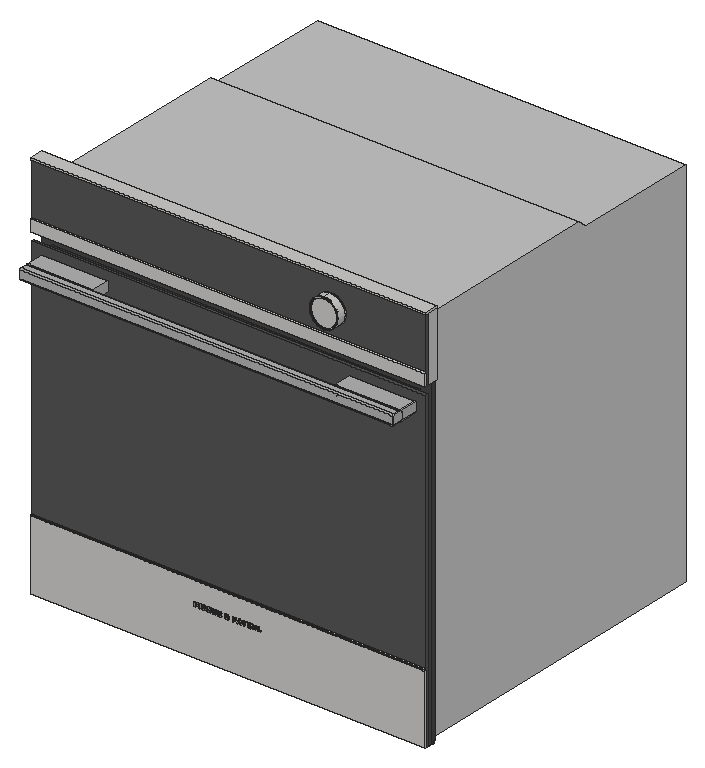
Revit family "FP_Revit_18_OB24SDPTDX1_Oven_90000933A", category Specialty Equipment, Revit 2018
Family settings
  Round Connector Dimension = Use Diameter
  Part Type = Normal
  OmniClass Number = 23.40.40.14.17.11
  OmniClass Title = Cookers, Ovens, Stoves
  Work Plane-Based = No
  Always vertical = Yes
  Cut with Voids When Loaded = Yes
  Shared = No
  Room Calculation Point = No
Parameters (values of type "OB24SDPTDX1")
  Visibility - Clearance Required = yes
  URL = "www.fisherpaykel.com"
  Product - Width = 596 mm  # constant formula
  Product - Height = 598 mm  # constant formula
  Product - Depth = 565 mm  # constant formula
  Model = "OB24SDPTDX1"
  Material - Trim = Fisher & Paykel - Stainless Steel
  Material - Structure = Fisher & Paykel - Black
  Material - Handle = Fisher & Paykel - Aluminium
  Material - Glass = Fisher & Paykel - Glass, Black
  Material - Buttons and Dials = Fisher & Paykel - Stainless Steel
  Material - Body = Fisher & Paykel - Grey
  Manufacturer = "Fisher & Paykel Appliances"
  FFL Offset [instance] = 200 mm
  Description = "24\" Built-In Oven"
  Connector Note - Electrical = "208 V or 240 V, 16.6 - 19.4 A"
  Chassis - Width = 556 mm  # constant formula
  Chassis - Height = 575 mm  # constant formula
  Chassis - Depth = 545 mm  # constant formula
  Cavity - Width = 600 mm  # constant formula
  Cavity - Height = 600 mm  # constant formula
  Cavity - Depth = 550 mm  # constant formula
Reference planes
  plane 1 "Datum": y = 0
  plane 2: z = 0
  plane 3 "Center (Left/Right)": x = 0
  plane 4 "Cavity": z = 780
  plane 5 "Product Height": z = 798
  plane 6 "Product LHS": x = -298
  plane 7 "Product RHS": x = 298
  plane 8 "Cavity LHS": x = -300
  plane 9 "Cavity RHS": x = 300
  plane 10 "Cavity - Depth": y = 550
  plane 11 "Product Depth": y = 545
  plane 12 "Front Face": y = -20
  plane 13 "Dial": x = 154.861
  plane 14 "FFL Offset": z = 200
  plane 15 "Cavity Height": z = 800
Forms (mm)
  Extrusion 1, solid, material "Fisher & Paykel - Grey" <- "Material - Body"
    sketch origin (0, 0, 0) x (0, 1, 0) y (0, 0, 1)
      loop
        line (0, 200) -> (525, 200) -> (525, 393.99) -> (545, 413.99) -> (545, 609.73) -> (495, 659.73) -> (495, 764.6) -> (307.721, 764.6) -> (293.958, 775) -> (0, 775) -> (0, 200)
    from -278 to 278
  Extrusion 2, void
    sketch origin (0, 0, 0) x (1, 0, 0) y (0, 1, 0)
      loop
        line (-278, 495) -> (-229.13, 495) -> (-179.13, 545) -> (-278, 545) -> (-278, 495)
      loop
        line (278, 495) -> (278, 545) -> (94.617, 545) -> (114.617, 525) -> (199.13, 525) -> (229.13, 495) -> (278, 495)
    from 200 to 764.6
  Extrusion 3, solid, material "Fisher & Paykel - Stainless Steel" <- "Material - Trim"
    sketch origin (0, 0, 0) x (0, 1, 0) y (0, 0, 1)
      loop
        line (0, 798) -> (-20.5, 798) -> (-20.5, 795.1) -> (0, 795.1) -> (0, 798)
    from -298 to 298
  Extrusion 4, solid, material "Fisher & Paykel - Grey" <- "Material - Body"
    sketch origin (0, 0, 0) x (0, 1, 0) y (0, 0, 1)
      loop
        line (-16, 795.1) -> (-16, 698) -> (0, 698) -> (0, 795.1) -> (-16, 795.1)
    from -298 to 298
  Extrusion 5, solid, material "Fisher & Paykel - Glass, Black" <- "Material - Glass"
    sketch origin (0, 0, 0) x (1, 0, 0) y (0, 0, 1)
      loop
        line (-298, 685.2) -> (-298, 208.6) -> (298, 208.6) -> (298, 685.2) -> (-298, 685.2)
      loop
        line (-298, 698) -> (298, 698) -> (298, 794.5) -> (-298, 794.5) -> (-298, 698)
    from 16 to 20
  Extrusion 6, solid, material "Fisher & Paykel - Black" <- "Material - Structure"
    sketch origin (0, 0, 0) x (0, 1, 0) y (0, 0, 1)
      loop
        line (-13.8, 683.7) -> (-16, 683.7) -> (-16, 224.7) -> (-5, 224.7) -> (-5, 680.497) -> (-13.8, 683.7)
    from -277 to 277
  Extrusion 7, solid, material "Fisher & Paykel - Black" <- "Material - Structure"
    sketch origin (0, 0, 0) x (1, 0, 0) y (0, 0, 1)
      loop
        line (-295, 698) -> (-295, 209.536)
        arc (-295, 209.536) -> (-292.207, 202.793) -> (-285.464, 200) r 9.536
        line (-285.464, 200) -> (285.5, 200)
        arc (285.5, 200) -> (292.218, 202.782) -> (295, 209.5) r 9.5
        line (295, 209.5) -> (295, 698) -> (-295, 698)
    from 0 to 5
  Sweep 8, solid, material "Fisher & Paykel - Black"
    path origin (-195.035, 0, 0) x (0, 1, 0) y (0, 0, 1)
      loop
        line (478.272, 708.8) -> (498.6, 708.8)
        arc (498.6, 708.8) -> (507.085, 705.285) -> (510.6, 696.8) r 12
        line (510.6, 696.8) -> (510.6, 678.8)
    profile origin (-195.035, 488.436, 708.8) x (0, 0, 1) y (1, 0, 0)
      loop
        line (0, 11) -> (-11, 11) -> (-11, -11) -> (0, -11)
        arc (0, -11) -> (11, 0) -> (0, 11) r 11
  Extrusion 9, solid, material "Fisher & Paykel - Clearance Required", visible <- "Visibility - Clearance Required", detail levels coarse
    sketch origin (0, 0, 0) x (0, 1, 0) y (0, 0, 1)
      loop
        line (-21.6, 227.528) -> (-21.6, 200) -> (0, 200) -> (0, 800) -> (-21.6, 800) -> (-21.6, 685.18)
        arc (-21.6, 685.18) -> (-333.147, 559.899) -> (-479.9, 257.872) r 466.605
        line (-479.9, 257.872) -> (-465.169, 256.897) -> (-467.944, 214.989) -> (-455.498, 214.164) -> (-452.723, 256.073) -> (-21.6, 227.528)
    from -300 to 300
  Extrusion 10, solid, material "Fisher & Paykel - Clearance Required", visible <- "Visibility - Clearance Required", detail levels coarse
    sketch origin (0, 0, 0) x (1, 0, 0) y (0, 1, 0)
      loop
        line (-280, 0) -> (280, 0) -> (280, 550) -> (-280, 550) -> (-280, 0)
    from 200 to 780
  Extrusion 11, void
    sketch origin (0, 0, 0) x (1, 0, 0) y (0, 1, 0)
      loop
        line (-300, -21.6) -> (300, -21.6) -> (300, 0) -> (-300, 0) -> (-300, -21.6)
    from 200 to 800
  Extrusion 12, solid, material "Fisher & Paykel - Stainless Steel" <- "Material - Trim", detail levels medium+fine
    sketch origin (0, -2000, 0) x (0, 1, 0) y (0, 0, 1)
      loop
        line (1980, 316.326) -> (1978.666, 314.661)
        arc (1978.666, 314.661) -> (1978.468, 314.306) -> (1978.4, 313.905) r 1.209
        line (1978.4, 313.905) -> (1978.4, 208.6) -> (1980, 208.6) -> (1980, 316.326)
    from -298 to 298
  Extrusion 13, solid, material "Fisher & Paykel - Stainless Steel" <- "Material - Trim", detail levels fine
    sketch origin (0, 0, 0) x (0, 1, 0) y (0, 0, 1)
      loop
        line (-21.7, 715.525) -> (-21.7, 698) -> (-20, 698) -> (-20, 717.528) -> (-21.7, 715.525)
    from -298 to 298
  Extrusion 14, void
    sketch origin (0, 0, 0) x (1, 0, 0) y (0, 1, 0)
      loop
        line (-280, 550) -> (-280, 0) -> (280, 0) -> (280, 550) -> (-280, 550)
    from 200 to 780
Cuts and joins
  Extrusion 2 cuts Extrusion 1
Lines and regions (mm)
  model lines, style "Fisher & Paykel"
    curve 1: line (217.5, -20, 334.2) -> (-217.5, -20, 334.2)
    curve 2: line (217.5, -20, 617.436) -> (217.5, -20, 334.2)
    curve 3: line (-217.5, -20, 617.436) -> (217.5, -20, 617.436)
    curve 4: line (-217.5, -20, 334.2) -> (-217.5, -20, 617.436)
Text (mm)
  text "Disclaimer:\nWe endeavor to maintain the accuracy of our 3D content.\nHowever, product details are subject to change without notice.\nPlease refer to the product Data Sheets for the most current product information." at (41.04, -568.295, 0), in view "Ref. Level (Plan)"
Dimensions and locks
  equal spacing: plane 6 "Product LHS", plane 3 "Center (Left/Right)", plane 7 "Product RHS"
  "Product - Width": plane 6 "Product LHS" to plane 7 "Product RHS"
  equal spacing: plane 8 "Cavity LHS", plane 3 "Center (Left/Right)", plane 9 "Cavity RHS"
  "Cavity - Width": plane 8 "Cavity LHS" to plane 9 "Cavity RHS"
  "Cavity - Depth": plane 10 "Cavity - Depth" to plane 1 "Datum"
  "Chassis - Depth": plane 11 "Product Depth" to plane 1 "Datum"
  plane 12 "Front Face" to plane 1 "Datum" = 20 mm
  "Product - Depth": plane 11 "Product Depth" to plane 12 "Front Face"
  "Chassis - Width": cut or joined group of Extrusion 1, Extrusion 2 to cut or joined group of Extrusion 1, Extrusion 2
  "FFL Offset": plane 14 "FFL Offset" to level
  "Product - Height": plane 5 "Product Height" to plane 14 "FFL Offset"
  "Cavity - Height": Extrusion 9 to plane 14 "FFL Offset"
  locked: plane 4 "Cavity" to plane 14 "FFL Offset" at 580
  locked: nested 2 to plane 14 "FFL Offset" at 78.956
  locked: Extrusion 5 to plane 14 "FFL Offset" at 8.6
  locked: Extrusion 6 to plane 14 "FFL Offset" at 24.7
  locked: Extrusion 12 to plane 14 "FFL Offset" at 8.6
  "Cavity - Height": plane 15 "Cavity Height" to plane 14 "FFL Offset"
  locked: cut or joined group of Extrusion 1, Extrusion 2 to plane 14 "FFL Offset" at 564.6
  locked: plane 5 "Product Height" to nested 1 at 125.8
  locked: plane 5 "Product Height" to nested 3 at 45.463
  locked: curve 1 to plane 14 "FFL Offset" at 134.2
  locked: curve 3 to plane 14 "FFL Offset" at 417.436
  aligned and locked: level to plane 2
  aligned and locked: plane 8 "Cavity LHS" to Extrusion 9
  aligned and locked: Extrusion 9 to plane 9 "Cavity RHS"
  aligned and locked: plane 13 "Dial" to nested 3
  aligned and locked: Extrusion 1 sketch curve to plane 14 "FFL Offset"
  aligned and locked: Extrusion 1 to Extrusion 2
  aligned and locked: Extrusion 2 to Extrusion 1
  aligned and locked: plane 14 "FFL Offset" to Extrusion 9 sketch curve
  aligned and locked: plane 14 "FFL Offset" to Extrusion 7 sketch curve
  aligned and locked: Extrusion 14 to cut or joined group of Extrusion 1, Extrusion 2
  aligned and locked: plane 4 "Cavity" to Extrusion 14
  aligned and locked: plane 4 "Cavity" to Extrusion 10
  aligned and locked: Extrusion 10 to cut or joined group of Extrusion 1, Extrusion 2
  aligned and locked: Extrusion 11 to cut or joined group of Extrusion 1, Extrusion 2
  aligned and locked: Extrusion 11 to Extrusion 9
  aligned and locked: plane 15 "Cavity Height" to Extrusion 11
Automatic sketch dimensions
  Extrusion 2 sketch curve to plane 11 "Product Depth" = 0 mm  (x2)
  Extrusion 2 sketch curve to plane 6 "Product LHS" = 20 mm
  Extrusion 2 sketch curve to Extrusion 2 sketch curve = 48.87 mm
  Extrusion 2 sketch curve to Extrusion 2 sketch curve = 50 mm  (x3)
  plane 3 "Center (Left/Right)" to Extrusion 2 sketch curve = 94.617 mm
  Extrusion 2 sketch curve to Extrusion 2 sketch curve = 20 mm
  Extrusion 2 sketch curve to plane 11 "Product Depth" = 20 mm
  Extrusion 2 sketch curve to Extrusion 2 sketch curve = 84.513 mm
  Extrusion 2 sketch curve to Extrusion 2 sketch curve = 30 mm
  plane 7 "Product RHS" to Extrusion 2 sketch curve = 20 mm
  Extrusion 3 sketch curve to plane 1 "Datum" = 0 mm
  Extrusion 3 sketch curve to plane 12 "Front Face" = 0.5 mm
  Extrusion 3 sketch curve to plane 5 "Product Height" = 2.9 mm
  plane 5 "Product Height" to Extrusion 3 sketch curve = 0 mm
  Extrusion 4 sketch curve to plane 1 "Datum" = 0 mm
  plane 12 "Front Face" to Extrusion 4 sketch curve = 4 mm
  Extrusion 4 sketch curve to plane 4 "Cavity" = 82 mm
  Extrusion 4 sketch curve to plane 5 "Product Height" = 2.9 mm
  plane 6 "Product LHS" to Extrusion 5 sketch curve = 0 mm  (x2)
  plane 7 "Product RHS" to Extrusion 5 sketch curve = 0 mm  (x2)
  level to Extrusion 5 sketch curve = 208.6 mm
  Extrusion 5 sketch curve to plane 4 "Cavity" = 94.8 mm
  Extrusion 5 sketch curve to Extrusion 5 sketch curve = 12.8 mm
  Extrusion 5 sketch curve to plane 5 "Product Height" = 3.5 mm
  plane 12 "Front Face" to Extrusion 6 sketch curve = 4 mm
  Extrusion 6 sketch curve to Extrusion 6 sketch curve = 2.2 mm
  plane 1 "Datum" to Extrusion 6 sketch curve = 5 mm
  level to Extrusion 6 sketch curve = 224.7 mm
  Extrusion 6 sketch curve to plane 4 "Cavity" = 99.503 mm
  Extrusion 6 sketch curve to Extrusion 6 sketch curve = 3.203 mm
  plane 7 "Product RHS" to curve 2 = 80.5 mm
  curve 4 to plane 6 "Product LHS" = 80.5 mm
  Sweep 8 sketch curve to plane 11 "Product Depth" = 46.4 mm
  Sweep 8 sketch curve to Sweep 8 sketch curve = 12 mm
  Sweep 8 sketch curve to plane 4 "Cavity" = 83.2 mm
  Sweep 8 sketch curve to Sweep 8 sketch curve = 20.328 mm
  Sweep 8 sketch curve to Sweep 8 sketch curve = 18 mm
  Sweep 8 sketch curve to profile plane = 0 mm  (x2)
  Sweep 8 sketch curve to Sweep 8 sketch curve = 11 mm
  Sweep 8 sketch curve to profile plane = 11 mm
  Extrusion 10 sketch curve to plane 10 "Cavity - Depth" = 0 mm
  plane 1 "Datum" to Extrusion 10 sketch curve = 0 mm
  Extrusion 10 sketch curve to plane 6 "Product LHS" = 18 mm
  plane 7 "Product RHS" to Extrusion 10 sketch curve = 18 mm
  plane 1 "Datum" to Extrusion 11 sketch curve = 0 mm
  Extrusion 11 sketch curve to plane 8 "Cavity LHS" = 0 mm
  Extrusion 11 sketch curve to plane 9 "Cavity RHS" = 0 mm
  Extrusion 11 sketch curve to plane 12 "Front Face" = 1.6 mm
  Extrusion 12 sketch curve to plane 12 "Front Face" = 0 mm
  Extrusion 12 sketch curve to plane 12 "Front Face" = 0.391 mm
  Extrusion 12 sketch curve to Extrusion 12 sketch curve = 0.943 mm
  Extrusion 12 sketch curve to Extrusion 12 sketch curve = 1.6 mm
  level to Extrusion 12 sketch curve = 208.6 mm
  Extrusion 12 sketch curve to Extrusion 12 sketch curve = 105.305 mm
  Extrusion 12 sketch curve to Extrusion 12 sketch curve = 1.664 mm
  Extrusion 13 sketch curve to plane 12 "Front Face" = 0 mm
  Extrusion 13 sketch curve to Extrusion 13 sketch curve = 1.7 mm
  Extrusion 13 sketch curve to plane 4 "Cavity" = 82 mm
  Extrusion 13 sketch curve to Extrusion 13 sketch curve = 17.525 mm
  Extrusion 13 sketch curve to Extrusion 13 sketch curve = 2.002 mm
  plane 1 "Datum" to Extrusion 14 sketch curve = 0 mm
  Extrusion 14 sketch curve to plane 10 "Cavity - Depth" = 0 mm
  Extrusion 14 sketch curve to plane 6 "Product LHS" = 18 mm
  plane 7 "Product RHS" to Extrusion 14 sketch curve = 18 mm
  Extrusion 1 sketch curve to plane 1 "Datum" = 0 mm
  Extrusion 1 sketch curve to plane 11 "Product Depth" = 0 mm
  Extrusion 1 sketch curve to plane 4 "Cavity" = 5 mm
  Extrusion 1 sketch curve to plane 11 "Product Depth" = 251.042 mm
  Extrusion 1 sketch curve to Extrusion 1 sketch curve = 13.762 mm
  Extrusion 1 sketch curve to plane 4 "Cavity" = 15.4 mm
  Extrusion 1 sketch curve to plane 11 "Product Depth" = 50 mm
  Extrusion 1 sketch curve to plane 11 "Product Depth" = 20 mm
  plane 14 "FFL Offset" to Extrusion 1 sketch curve = 193.99 mm
  Extrusion 1 sketch curve to Extrusion 1 sketch curve = 20 mm
  Extrusion 1 sketch curve to Extrusion 1 sketch curve = 154.87 mm
  Extrusion 1 sketch curve to Extrusion 1 sketch curve = 50 mm
  Extrusion 9 sketch curve to plane 1 "Datum" = 0 mm
  plane 12 "Front Face" to Extrusion 9 sketch curve = 5.051 mm
  Extrusion 9 sketch curve to plane 12 "Front Face" = 1.6 mm  (x2)
  plane 14 "FFL Offset" to Extrusion 9 sketch curve = 56.073 mm
  Extrusion 9 sketch curve to Extrusion 9 sketch curve = 431.123 mm
  plane 14 "FFL Offset" to Extrusion 9 sketch curve = 14.164 mm
  Extrusion 9 sketch curve to Extrusion 9 sketch curve = 2.775 mm
  plane 14 "FFL Offset" to Extrusion 9 sketch curve = 56.897 mm
  Extrusion 9 sketch curve to Extrusion 9 sketch curve = 12.446 mm
  plane 14 "FFL Offset" to Extrusion 9 sketch curve = 57.872 mm
  Extrusion 9 sketch curve to Extrusion 9 sketch curve = 8.905 mm
  plane 5 "Product Height" to Extrusion 9 sketch curve = 2 mm
  Extrusion 7 sketch curve to plane 6 "Product LHS" = 3 mm
  plane 14 "FFL Offset" to Extrusion 7 sketch curve = 9.536 mm
  plane 7 "Product RHS" to Extrusion 7 sketch curve = 12.5 mm
  plane 7 "Product RHS" to Extrusion 7 sketch curve = 3 mm
  Extrusion 7 sketch curve to plane 4 "Cavity" = 82 mm
Nested families
  nested 1: "F&P Handle Contemporary Square OB60-24" at (0, -20, 664.222), type "Aluminium"
  nested 2: "F&P Logo 100mm" at (0, -21.6, 278.956), type "Chrome", detail levels fine
  nested 3: "F&P Dial OB" at (154.861, -20, 752.537), type "F&P Dial OB"
Connectors
  electrical at (-195.035, 505.1, 678.8), driven by "Connector Note - Electrical"
    settings: on Sweep 8, index 1, voltage 120 V, apparent load 0 VA, apparent load phase1 0 VA, apparent load phase2 0 VA, apparent load phase3 0 VA, power factor 1, load classification "Other", number of poles 2, system type 30, power factor state 1, is connector primary yes, connector utility no, sub classification motor no, connector description "208 V or 240 V, 16.6 - 19.4 A"
Definition of nested family "F&P Handle Contemporary Square OB60-24"
  Parameters (values of type "Aluminium Dark")
    URL = "www.fisherpaykel.com"
    Material - Handle = none
    Manufacturer = "Fisher & Paykel Appliances"
    Handle - Length = 565 mm
  Types (2): name
    Aluminium
    Aluminium Dark
  Reference planes
    plane 1 "Center (Front/Back)": y = 0
    plane 2: z = 0
    plane 3 "Center (Left/Right)": x = 0
    plane 4 "Product LHS": x = -282.5
    plane 5 "Product RHS": x = 282.5
    plane 6 "LHS Standoff": x = -182.495
    plane 7 "RHS Standoff": x = 182.505
  Forms (mm)
    Extrusion 1, solid, material <- "Material - Handle", detail levels fine
      sketch origin (0, 0, 0) x (0, 1, 0) y (0, 0, 1)
        loop
          arc (-28.701, 7.561) -> (-29.057, 7.868) -> (-29.514, 7.978) r 1
          line (-29.514, 7.978) -> (-40.5, 7.978)
          arc (-40.5, 7.978) -> (-41.561, 7.539) -> (-42, 6.478) r 1.5
          line (-42, 6.478) -> (-42, -6.522)
          arc (-42, -6.522) -> (-41.561, -7.583) -> (-40.5, -8.022) r 1.5
          line (-40.5, -8.022) -> (-29.487, -8.022)
          arc (-29.487, -8.022) -> (-29.029, -7.911) -> (-28.673, -7.602) r 1
          arc (-28.673, -7.602) -> (-26.256, -0.016) -> (-28.701, 7.561) r 13.038
      from -282.5 to 282.5
    Extrusion 2, solid, material <- "Material - Handle", detail levels fine
      sketch origin (0, 0, 0) x (0, 1, 0) y (0, 0, 1)
        loop
          arc (-28.23, 7.062) -> (-26.156, 0.008) -> (-28.198, -7.056) r 13.136
          arc (-28.198, -7.056) -> (-28.21, -7.463) -> (-27.86, -7.67) r 0.4
          line (-27.86, -7.67) -> (0, -7.67) -> (0, 7.678) -> (-27.893, 7.678)
          arc (-27.893, 7.678) -> (-28.244, 7.47) -> (-28.23, 7.062) r 0.4
      from 182.505 to 282.5
    Extrusion 3, solid, material <- "Material - Handle", detail levels fine
      sketch origin (0, 0, 0) x (0, 1, 0) y (0, 0, -1)
        loop
          arc (-28.23, -7.062) -> (-28.244, -7.47) -> (-27.893, -7.678) r 0.4
          line (-27.893, -7.678) -> (0, -7.678) -> (0, 7.67) -> (-27.86, 7.67)
          arc (-27.86, 7.67) -> (-28.21, 7.463) -> (-28.198, 7.056) r 0.4
          arc (-28.198, 7.056) -> (-26.156, -0.008) -> (-28.23, -7.062) r 13.136
      from 182.495 to 282.5
    Sweep 4, void
      path in 3D
        loop
          line (282.5, -29.514, 7.978) -> (282.5, -40.5, 7.978)
          arc (282.5, -40.5, 7.978) -> (282.5, -41.561, 7.539) -> (282.5, -42, 6.478) r 1.5
          line (282.5, -42, 6.478) -> (282.5, -42, -6.522)
          arc (282.5, -42, -6.522) -> (282.5, -41.561, -7.583) -> (282.5, -40.5, -8.022) r 1.5
          line (282.5, -40.5, -8.022) -> (282.5, -29.487, -8.022)
      profile origin (282.5, -35.007, 7.978) x (1, 0, 0) y (0, 0, 1)
        loop
          line (0, 0) -> (-1.3, 0) -> (0, -1.3) -> (0, 0)
    Sweep 5, void
      path in 3D
        loop
          line (-282.5, -29.487, -8.022) -> (-282.5, -40.5, -8.022)
          arc (-282.5, -40.5, -8.022) -> (-282.5, -41.561, -7.583) -> (-282.5, -42, -6.522) r 1.5
          line (-282.5, -42, -6.522) -> (-282.5, -42, 6.478)
          arc (-282.5, -42, 6.478) -> (-282.5, -41.561, 7.539) -> (-282.5, -40.5, 7.978) r 1.5
          line (-282.5, -40.5, 7.978) -> (-282.5, -29.514, 7.978)
      profile origin (-282.5, -35.007, 7.978) x (-1, 0, 0) y (0, 0, 1)
        loop
          line (0, 0) -> (-1.3, 0) -> (0, -1.3) -> (0, 0)
    Extrusion 6, void
      sketch origin (0, 0, 0) x (1, 0, 0) y (0, 0, 1)
        loop
          line (282.5, 7.978) -> (281.2, 7.978) -> (282.5, 6.678) -> (282.5, 7.978)
        loop
          line (282.5, -8.022) -> (282.5, -6.722) -> (281.2, -8.022) -> (282.5, -8.022)
      from 0 to 40
    Extrusion 7, void
      sketch origin (0, 0, 0) x (1, 0, 0) y (0, 0, 1)
        loop
          line (-282.5, 7.978) -> (-282.5, 6.678) -> (-281.2, 7.978) -> (-282.5, 7.978)
        loop
          line (-282.5, -8.022) -> (-281.2, -8.022) -> (-282.5, -6.722) -> (-282.5, -8.022)
      from 0 to 40
    Extrusion 8, solid, material <- "Material - Handle", detail levels coarse+medium
      sketch origin (0, 0, 0) x (1, 0, 0) y (0, 1, 0)
        loop
          line (-282.5, -42) -> (282.5, -42) -> (282.5, 0) -> (182.505, 0) -> (182.505, -26.156) -> (-182.495, -26.156) -> (-182.495, 0) -> (-282.5, 0) -> (-282.5, -42)
      from -8.022 to 7.978
  Cuts and joins
    Sweep 4, Sweep 5, Extrusion 6, Extrusion 7 cuts Extrusion 1
    Extrusion 6 cuts Extrusion 2
    Extrusion 7 cuts Extrusion 3
  Lines and regions (mm)
    sketch lines
      curve 1: line (282.5, -29.514, 7.978) -> (282.5, -40.5, 7.978)
      curve 2: arc (282.5, -42, 6.478) -> (282.5, -41.561, 7.539) -> (282.5, -40.5, 7.978) r 1.5
      curve 3: line (282.5, -42, 6.478) -> (282.5, -42, -6.522)
      curve 4: arc (282.5, -40.5, -8.022) -> (282.5, -41.561, -7.583) -> (282.5, -42, -6.522) r 1.5
      curve 5: line (282.5, -40.5, -8.022) -> (282.5, -29.487, -8.022)
      curve 6: line (-282.5, -40.5, 7.978) -> (-282.5, -29.514, 7.978)
      curve 7: arc (-282.5, -40.5, 7.978) -> (-282.5, -41.561, 7.539) -> (-282.5, -42, 6.478) r 1.5
      curve 8: line (-282.5, -42, -6.522) -> (-282.5, -42, 6.478)
      curve 9: arc (-282.5, -42, -6.522) -> (-282.5, -41.561, -7.583) -> (-282.5, -40.5, -8.022) r 1.5
      curve 10: line (-282.5, -29.487, -8.022) -> (-282.5, -40.5, -8.022)
  Dimensions and locks
    equal spacing: plane 4 "Product LHS", plane 3 "Center (Left/Right)", plane 5 "Product RHS"
    "Handle - Length": plane 4 "Product LHS" to plane 5 "Product RHS"
    locked: plane 4 "Product LHS" to plane 6 "LHS Standoff" at 100.005
    locked: plane 7 "RHS Standoff" to plane 5 "Product RHS" at 99.995
    aligned and locked: level to plane 2
    aligned and locked: Extrusion 1 to plane 5 "Product RHS"
    aligned and locked: plane 4 "Product LHS" to Extrusion 1
    aligned and locked: Extrusion 2 to plane 5 "Product RHS"
    aligned and locked: plane 4 "Product LHS" to Extrusion 3
    aligned and locked: plane 4 "Product LHS" to Extrusion 8 sketch curve
    aligned and locked: Extrusion 8 sketch curve to plane 5 "Product RHS"
    aligned and locked: Extrusion 8 sketch curve to plane 7 "RHS Standoff"
    aligned and locked: plane 6 "LHS Standoff" to Extrusion 8 sketch curve
    aligned and locked: Extrusion 2 to plane 7 "RHS Standoff"
    aligned and locked: plane 6 "LHS Standoff" to Extrusion 3
  Automatic sketch dimensions
    Extrusion 1 sketch curve to level = 6.522 mm
    plane 1 "Center (Front/Back)" to Extrusion 1 sketch curve = 42 mm
    Extrusion 1 sketch curve to Extrusion 1 sketch curve = 1.5 mm  (x2)
    Extrusion 1 sketch curve to level = 0.04 mm
    Extrusion 1 sketch curve to Extrusion 1 sketch curve = 1.206 mm
    level to Extrusion 1 sketch curve = 6.978 mm
    Extrusion 1 sketch curve to Extrusion 1 sketch curve = 10.986 mm
    Extrusion 1 sketch curve to Extrusion 1 sketch curve = 11.013 mm
    Extrusion 1 sketch curve to Extrusion 1 sketch curve = 1 mm
    level to Extrusion 1 sketch curve = 6.478 mm
    Extrusion 1 sketch curve to Extrusion 1 sketch curve = 0 mm
    Extrusion 2 sketch curve to plane 1 "Center (Front/Back)" = 0 mm
    Extrusion 2 sketch curve to level = 7.67 mm
    Extrusion 2 sketch curve to Extrusion 2 sketch curve = 27.86 mm
    level to Extrusion 2 sketch curve = 7.678 mm
    Extrusion 2 sketch curve to Extrusion 2 sketch curve = 0.033 mm
    Extrusion 2 sketch curve to level = 0.022 mm
    Extrusion 2 sketch curve to Extrusion 2 sketch curve = 11.398 mm
    Extrusion 2 sketch curve to Extrusion 2 sketch curve = 0.4 mm  (x2)
    Extrusion 2 sketch curve to Extrusion 2 sketch curve = 0 mm
    Extrusion 3 sketch curve to plane 1 "Center (Front/Back)" = 0 mm
    Extrusion 3 sketch curve to level = 7.67 mm
    Extrusion 3 sketch curve to Extrusion 3 sketch curve = 27.86 mm
    level to Extrusion 3 sketch curve = 7.678 mm
    Extrusion 3 sketch curve to Extrusion 3 sketch curve = 0.033 mm
    Extrusion 3 sketch curve to level = 0.022 mm
    Extrusion 3 sketch curve to Extrusion 3 sketch curve = 11.398 mm
    Extrusion 3 sketch curve to Extrusion 3 sketch curve = 0.4 mm  (x2)
    Extrusion 3 sketch curve to Extrusion 3 sketch curve = 0 mm
    profile plane to Sweep 4 sketch curve = 0 mm
    Sweep 4 sketch curve to profile plane = 0 mm
    Sweep 4 sketch curve to profile plane = 1.3 mm
    profile plane to Sweep 4 sketch curve = 1.3 mm
    Sweep 5 sketch curve to profile plane = 0 mm  (x2)
    profile plane to Sweep 5 sketch curve = 1.3 mm
    Sweep 5 sketch curve to profile plane = 1.3 mm
    plane 5 "Product RHS" to Extrusion 6 sketch curve = 0 mm  (x2)
    Extrusion 6 sketch curve to Extrusion 6 sketch curve = 1.3 mm  (x4)
    Extrusion 6 sketch curve to level = 6.722 mm
    level to Extrusion 6 sketch curve = 6.678 mm
    plane 4 "Product LHS" to Extrusion 7 sketch curve = 0 mm  (x2)
    Extrusion 7 sketch curve to plane 4 "Product LHS" = 1.3 mm  (x2)
    Extrusion 7 sketch curve to level = 8.022 mm
    level to Extrusion 7 sketch curve = 6.678 mm
    Extrusion 7 sketch curve to Extrusion 7 sketch curve = 1.3 mm  (x2)
    plane 1 "Center (Front/Back)" to Extrusion 8 sketch curve = 0 mm  (x2)
    Extrusion 8 sketch curve to Extrusion 8 sketch curve = 26.156 mm
    Extrusion 8 sketch curve to Extrusion 8 sketch curve = 42 mm
Definition of nested family "F&P Logo 100mm"
  Parameters (values of type "Chrome")
    URL = "www.fisherpaykel.com"
    Material - Logo = none
    Manufacturer = "Fisher & Paykel Appliances"
  Types (3): name
    (no name)
    Chrome
    Grey
  Reference planes
    plane 1 "Center (Front/Back)": y = 0
    plane 2: z = 0
    plane 3 "Center (Left/Right)": x = 0
  Forms (mm)
    Extrusion 1, solid, material <- "Material - Logo", detail levels fine
      sketch origin (0, 0, 0) x (1, 0, 0) y (0, 0, 1)
        loop
          line (-50.044, 0) -> (-48.47, 0) -> (-48.47, 2.138) -> (-46.011, 2.138) -> (-46.011, 3.472) -> (-48.47, 3.472) -> (-48.47, 4.712) -> (-45.795, 4.712) -> (-45.795, 6.04) -> (-50.044, 6.04) -> (-50.044, 0)
        loop
          line (-42.804, 6.04) -> (-42.804, 0) -> (-41.23, 0) -> (-41.23, 6.04) -> (-42.804, 6.04)
        loop
          line (-30.724, 6.04) -> (-30.724, 0) -> (-29.151, 0) -> (-29.151, 2.42) -> (-26.839, 2.42) -> (-26.839, 0) -> (-25.265, 0) -> (-25.265, 6.04) -> (-26.839, 6.04) -> (-26.839, 3.748) -> (-29.151, 3.748) -> (-29.151, 6.04) -> (-30.724, 6.04)
        loop
          line (-21.906, 6.04) -> (-21.906, 0) -> (-17.602, 0) -> (-17.602, 1.328) -> (-20.347, 1.328) -> (-20.347, 2.42) -> (-17.838, 2.42) -> (-17.838, 3.748) -> (-20.347, 3.748) -> (-20.347, 4.712) -> (-17.602, 4.712) -> (-17.602, 6.04) -> (-21.906, 6.04)
        loop
          line (45.667, 6.04) -> (45.667, 0) -> (49.956, 0) -> (49.956, 1.328) -> (47.241, 1.328) -> (47.241, 6.04) -> (45.667, 6.04)
        loop
          line (42.431, 6.04) -> (38.112, 6.04) -> (38.112, 0) -> (42.431, 0) -> (42.431, 1.328) -> (39.687, 1.328) -> (39.687, 2.42) -> (42.195, 2.42) -> (42.195, 3.748) -> (39.687, 3.748) -> (39.687, 4.712) -> (42.431, 4.712) -> (42.431, 6.04)
        loop
          line (33.451, 3.148) -> (35.683, 6.04) -> (33.844, 6.04) -> (31.915, 3.542) -> (31.915, 6.04) -> (30.342, 6.04) -> (30.342, 0) -> (31.915, 0) -> (31.915, 2.705) -> (33.903, 0) -> (35.763, 0) -> (33.451, 3.148)
        loop
          line (21.98, 6.04) -> (24.262, 2.42) -> (24.262, 0) -> (25.837, 0) -> (25.837, 2.341) -> (28.119, 6.04) -> (26.446, 6.04) -> (25.099, 3.707) -> (23.753, 6.04) -> (21.98, 6.04)
        loop
          line (18.479, 6.04) -> (16.983, 6.04) -> (14.524, 0) -> (16.069, 0) -> (16.501, 1.112) -> (18.921, 1.112) -> (19.354, 0) -> (20.938, 0) -> (18.479, 6.04)
        loop
          line (18.4, 2.439) -> (17.693, 4.174) -> (17.018, 2.439) -> (18.4, 2.439)
        loop
          line (8.031, 6.04) -> (8.031, 0) -> (9.605, 0) -> (9.605, 1.938) -> (10.599, 1.938)
          arc (10.599, 1.938) -> (12.65, 3.989) -> (10.599, 6.04) r 2.051
          line (10.599, 6.04) -> (8.031, 6.04)
        loop
          line (9.605, 4.712) -> (9.605, 3.197) -> (10.501, 3.197)
          arc (10.501, 3.197) -> (11.259, 3.954) -> (10.501, 4.712) r 0.757
          line (10.501, 4.712) -> (9.605, 4.712)
        loop
          line (-11.783, 6.04) -> (-14.366, 6.04) -> (-14.366, 0) -> (-12.792, 0) -> (-12.792, 1.336) -> (-11.992, 1.336) -> (-10.972, 0) -> (-9.153, 0) -> (-10.694, 1.973)
          arc (-10.694, 1.973) -> (-9.678, 4.424) -> (-11.783, 6.04) r 2.179
        loop
          line (-11.897, 4.712) -> (-12.792, 4.712) -> (-12.792, 3.053) -> (-11.897, 3.053)
          arc (-11.897, 3.053) -> (-11.068, 3.882) -> (-11.897, 4.712) r 0.83
        loop
          line (0.477, 4.712) -> (0.477, 6.153) -> (-3.575, 6.153) -> (-3.575, 4.851) -> (-2.974, 4.112)
          arc (-2.974, 4.112) -> (-3.51, 0.684) -> (-0.045, 0.512) r 2.334
          line (-0.045, 0.512) -> (0.46, -0.109) -> (2.246, -0.109) -> (0.86, 1.594) -> (2.061, 3.324) -> (0.443, 3.324) -> (-0.013, 2.667) -> (-1.677, 4.712) -> (0.477, 4.712)
        loop
          arc (-2.125, 3.068) -> (-2.269, 1.668) -> (-0.868, 1.524) r 0.996
          line (-0.868, 1.524) -> (-2.125, 3.068)
        loop
          line (-35.18, 3.634) -> (-36.516, 3.91)
          arc (-36.516, 3.91) -> (-37.049, 4.443) -> (-36.516, 4.976) r 0.533
          arc (-36.516, 4.976) -> (-35.235, 4.79) -> (-34.059, 4.248) r 4.505
          line (-34.059, 4.248) -> (-34.059, 5.743)
          arc (-34.059, 5.743) -> (-35.549, 6.179) -> (-37.1, 6.109) r 4.726
          arc (-37.1, 6.109) -> (-38.536, 4.335) -> (-37.1, 2.561) r 1.814
          line (-37.1, 2.561) -> (-35.754, 2.282)
          arc (-35.754, 2.282) -> (-35.221, 1.749) -> (-35.754, 1.216) r 0.533
          arc (-35.754, 1.216) -> (-37.035, 1.402) -> (-38.211, 1.945) r 4.505
          line (-38.211, 1.945) -> (-38.211, 0.449)
          arc (-38.211, 0.449) -> (-36.72, 0.013) -> (-35.169, 0.083) r 4.726
          arc (-35.169, 0.083) -> (-33.734, 1.863) -> (-35.18, 3.634) r 1.814
      from 0 to 0.8
  Dimensions and locks
    aligned and locked: level to plane 2
Definition of nested family "F&P Dial OB"
  Parameters (values of type "F&P Dial OB Black")
    URL = "www.fisherpaykel.com"
    Material - Buttons and Dials = none
    Material - Bezel = none
    Manufacturer = "Fisher & Paykel Appliances"
  Types (2): name
    F&P Dial OB
    F&P Dial OB Black
  Reference planes
    plane 1 "Center (Front/Back)": y = 0
    plane 2: z = 0
    plane 3 "Center (Left/Right)": x = 0
  Forms (mm)
    Revolve 1, solid, material <- "Material - Buttons and Dials", detail levels fine
      sketch origin (0, 0, 0) x (0, 1, 0) y (0, 0, 1)
        loop
          line (0, 22) -> (-0.843, 22) -> (-0.843, 16.038) -> (-2.39, 16.038) -> (-2.39, 22) -> (-13.7, 22) -> (-13.7, 21.2) -> (-13.191, 20) -> (-8.9, 20) -> (-8.9, 0) -> (0, 0) -> (0, 22)
        axis (0, 0) -> (-13.7, 0)
      angle from 0 to 360
    Extrusion 2, solid, material <- "Material - Buttons and Dials", detail levels fine
      sketch origin (0, 0, 0) x (1, 0, 0) y (0, 0, 1)
        loop
          circle (0, 0) r 19.45
      from 8.9 to 13.191
    Extrusion 3, solid, material <- "Material - Buttons and Dials", detail levels coarse+medium
      sketch origin (0, 0, 0) x (1, 0, 0) y (0, 0, 1)
        loop
          circle (0, 0) r 22
      from 0 to 13.7
    Extrusion 4, solid, material <- "Material - Bezel", detail levels fine
      sketch origin (0, 0, 0) x (1, 0, 0) y (0, 0, 1)
        loop
          circle (0, 0) r 19.45
        loop
          circle (0, 0) r 20
      from 2.39 to 13.191
  Dimensions and locks
    aligned and locked: level to plane 2
